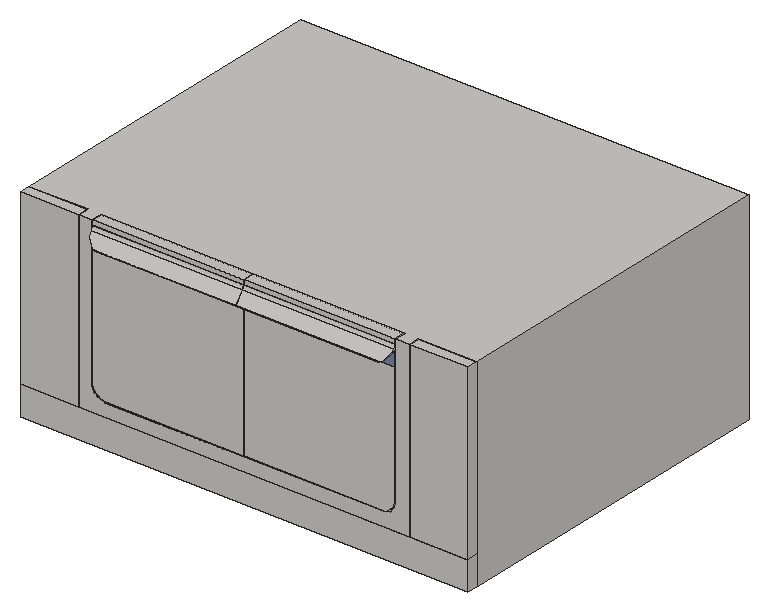
Revit family "QF_ELECTROLUXPROFESSIONAL_588654_MB4HCAJOAO", category Attrezzature speciali, Revit 2020
Family settings
  Quota connettore circolare = Usa diametro
  Tipo di parte = Normale
  Basato su piano di lavoro = No
  Sempre verticale = Sì
  Taglio con vuoti quando caricato = No
  Condiviso = No
  Punto di calcolo locali = No
Parameters (values of type "Standard")
  Weight = 31.00 kg
  Watts = 2000 W
  Volts = 400 V
  URL Manufacturer = "https://www.electroluxprofessional.com/"
  URL = "https://www.electroluxprofessional.com/"
  Steam Supply Size = 0"
  Steam Supply Minimum Pressure = 0.00 psi
  Steam Supply Maximum Pressure = 0.00 psi
  Steam Consumption per Hour = 0
  Refrigeration Suction Line Size = 0 mm
  Refrigeration Liquid Line Size = 0 mm
  Refrigerant Compressor Remote = yes
  Prospetto di default = 0 mm
  Phase = 3
  Modello = "MB4HCAJOAO"
  Produttore = "Electrolux Professional"
  Length Actual = 1000 mm  # constant formula
  Item Number = "588654"
  Hot Water Size = 0"
  Height Actual = 450 mm  # constant formula
  HP = "2.7 HP"
  Gas Size = 0"
  Gas KW = 0
  Gas Input Pressure = 0.0 Btu/h
  Direct Waste Size = 0"
  Descrizione = "EL.WARM.CAB,GN,2DOOR,1S,H2,1000X850X450H"
  Depth Actual = 850 mm  # constant formula
  Cycle = 50 Hz
  Condensate Return Size = 0"
  Compressed Air Volume = 0 GPM
  Compressed Air Size = 0"
  Compressed Air Pressure = 0.00 psi
  Cold Water Size = 0"
  Accessory = yes
Reference planes
  plane 1 "BACK": y = 0
  plane 2: z = 0
  plane 3 "LEFT": x = 0
  plane 4 "RIGHT": x = 1000
  plane 5 "FRONT": y = -850
  plane 6 "PLAIN": z = 900
  plane 7 "Center (Left/Right)": x = 500
  plane 8 "Center (Front/Back)": y = -425
  plane 9 "TOP": z = 650
  plane 10 "BASE": z = 200
  plane 11: x = 922
  plane 12: x = 78
  plane 13 "Feet_back": y = -150
  plane 14 "Feet_Front": y = -720
  plane 15: x = 130
  plane 16: x = 870
  plane 17: z = 265
  plane 18: y = -45
  plane 19: y = -805
  plane 20: y = -70
  plane 21: y = -830
Forms (mm)
  Extrusion 1, solid, material "QF_Finishes_Stainless Steel"
    sketch origin (0, 0, 650) x (0, 1, 0) y (0, 0, 1)
      loop
        line (-45, -450) -> (-45, 0) -> (-805, 0) -> (-805, -450) -> (-45, -450)
    from 0 to 1000
  Extrusion 2, solid, material "QF_Finishes_Stainless Steel"
    sketch origin (0, 0, 650) x (0, 1, 0) y (0, 0, 1)
      loop
        line (-830, -450) -> (-805, -450) -> (-805, -385) -> (-830, -385) -> (-830, -450)
    from 0 to 1000
  Extrusion 3, void
    sketch origin (0, -850, 0) x (1, 0, 0) y (0, 0, 1)
      loop
        line (130, 650) -> (130, 265) -> (870, 265) -> (870, 650) -> (130, 650)
    from 0 to -780
  Extrusion 4, solid, material "QF_Finishes_Stainless Steel"
    sketch origin (0, -850, 0) x (1, 0, 0) y (0, 0, 1)
      loop
        line (160, 650) -> (160, 627) -> (840, 627) -> (840, 650) -> (160, 650)
    from -45 to -805
  Extrusion 5, solid, material "QF_Finishes_Stainless Steel"
    sketch origin (0, -850, 0) x (1, 0, 0) y (0, 0, 1)
      loop
        line (130, 650) -> (130, 265) -> (870, 265) -> (870, 650) -> (840, 650) -> (840, 325)
        arc (840, 325) -> (831.213, 303.787) -> (810, 295) r 30
        line (810, 295) -> (190, 295)
        arc (190, 295) -> (168.787, 303.787) -> (160, 325) r 30
        line (160, 325) -> (160, 650) -> (130, 650)
    from -20 to -780
  Extrusion 6, solid, material "QF_Finishes_Stainless Steel"
    sketch origin (0, -850, 0) x (1, 0, 0) y (0, 0, 1)
      loop
        line (0, 650) -> (0, 265) -> (130, 265) -> (130, 650) -> (0, 650)
    from -20 to -45
  Extrusion 7, solid, material "QF_Finishes_Stainless Steel"
    sketch origin (0, -850, 0) x (1, 0, 0) y (0, 0, 1)
      loop
        line (870, 650) -> (870, 265) -> (1000, 265) -> (1000, 650) -> (870, 650)
    from -20 to -45
Cuts and joins
  Extrusion 3 cuts Extrusion 1
  joined: Extrusion 1, Extrusion 4, Extrusion 5
Lines and regions (mm)
  symbolic lines, style "SpecialityEquipmentHiddenLines"
    curve 1: line (0, 0, 0) -> (1000, 0, 0)
    curve 2: line (0, -850, 0) -> (0, 0, 0)
    curve 3: line (1000, -850, 0) -> (0, -850, 0)
    curve 4: line (1000, 0, 0) -> (1000, -850, 0)
Dimensions and locks
  plane 3 "LEFT" to plane 4 "RIGHT" = 1000 mm
  plane 5 "FRONT" to plane 1 "BACK" = 850 mm
  equal spacing: plane 3 "LEFT", plane 7 "Center (Left/Right)", plane 4 "RIGHT"
  equal spacing: plane 5 "FRONT", plane 8 "Center (Front/Back)", plane 1 "BACK"
  plane 6 "PLAIN" to plane 9 "TOP" = 250 mm
  plane 10 "BASE" to level = 200 mm
  plane 9 "TOP" to plane 10 "BASE" = 450 mm
  locked: plane 1 "BACK" to plane 13 "Feet_back" at 150
  locked: plane 14 "Feet_Front" to plane 5 "FRONT" at 130
  locked: plane 12 to plane 3 "LEFT" at 78
  locked: plane 11 to plane 4 "RIGHT" at 78
  plane 16 to plane 15 = 740 mm
  equal spacing: plane 16, plane 7 "Center (Left/Right)", plane 15
  locked: plane 17 to plane 10 "BASE" at 65
  locked: plane 1 "BACK" to plane 18 at 45
  plane 9 "TOP" to Extrusion 4 sketch curve = 23 mm
  locked: Extrusion 4 sketch curve to plane 15 at 30
  locked: plane 16 to Extrusion 4 sketch curve at 30
  locked: Extrusion 5 sketch curve to plane 17 at 30
  plane 6 "PLAIN" to level = 900 mm
  Extrusion 5 to Extrusion 5 = 680 mm
  locked: plane 18 to plane 20 at 25
  locked: plane 21 to plane 5 "FRONT" at 20
  locked: plane 19 to plane 21 at 25
  plane 18 to plane 21 = 785 mm
  aligned and locked: level to plane 2
  aligned and locked: Extrusion 1 to plane 4 "RIGHT"
  aligned and locked: Extrusion 1 to plane 3 "LEFT"
  aligned and locked: Extrusion 2 to plane 4 "RIGHT"
  aligned and locked: plane 9 "TOP" to Extrusion 3 sketch curve
  aligned and locked: Extrusion 3 sketch curve to plane 15
  aligned and locked: plane 16 to Extrusion 3 sketch curve
  aligned and locked: Extrusion 2 to plane 10 "BASE"
  aligned and locked: Extrusion 2 to plane 17
  aligned and locked: plane 17 to Extrusion 3 sketch curve
  aligned and locked: Extrusion 4 to plane 18
  aligned and locked: Extrusion 5 sketch curve to plane 15
  aligned and locked: plane 16 to Extrusion 5 sketch curve
  aligned and locked: plane 9 "TOP" to Extrusion 5 sketch curve  (x2)
  aligned and locked: plane 17 to Extrusion 5 sketch curve
  aligned and locked: Extrusion 5 sketch curve to Extrusion 4  (x2)
  aligned and locked: Extrusion 6 sketch curve to plane 9 "TOP"
  aligned and locked: plane 3 "LEFT" to Extrusion 6 sketch curve
  aligned and locked: Extrusion 6 sketch curve to plane 17
  aligned and locked: Extrusion 6 sketch curve to plane 15
  aligned and locked: Extrusion 7 sketch curve to plane 9 "TOP"
  aligned and locked: plane 16 to Extrusion 7 sketch curve
  aligned and locked: Extrusion 7 sketch curve to plane 17
  aligned and locked: plane 4 "RIGHT" to Extrusion 7 sketch curve
  aligned and locked: cut or joined group of Extrusion 1, Extrusion 3, Extrusion 4, Extrusion 5 to Extrusion 4
  aligned and locked: plane 7 "Center (Left/Right)" to nested 1
  aligned and locked: Extrusion 5 to plane 20
  aligned and locked: cut or joined group of Extrusion 1, Extrusion 3, Extrusion 4, Extrusion 5 to plane 20
  aligned and locked: cut or joined group of Extrusion 1, Extrusion 3, Extrusion 4, Extrusion 5 to plane 18
  aligned and locked: plane 19 to Extrusion 4
  aligned and locked: Extrusion 6 to plane 19
  aligned and locked: plane 21 to Extrusion 6
  aligned and locked: plane 21 to Extrusion 5
  aligned and locked: plane 21 to Extrusion 7
  aligned and locked: Extrusion 7 to plane 19
  aligned and locked: Extrusion 2 to plane 19
  aligned and locked: plane 21 to Extrusion 2
Automatic sketch dimensions
  Extrusion 1 sketch curve to plane 10 "BASE" = 0 mm
  Extrusion 1 sketch curve to plane 9 "TOP" = 0 mm
  plane 1 "BACK" to Extrusion 1 sketch curve = 45 mm
  Extrusion 1 sketch curve to plane 5 "FRONT" = 45 mm
  Extrusion 2 sketch curve to plane 5 "FRONT" = 20 mm
  Extrusion 2 sketch curve to plane 9 "TOP" = 385 mm
  plane 10 "BASE" to Extrusion 2 sketch curve = 0 mm
  Extrusion 2 sketch curve to plane 5 "FRONT" = 45 mm
  Extrusion 4 sketch curve to plane 9 "TOP" = 0 mm
  Extrusion 5 sketch curve to Extrusion 5 sketch curve = 30 mm  (x2)
  curve 3 to plane 3 "LEFT" = 0 mm
  curve 3 to plane 4 "RIGHT" = 0 mm
  plane 5 "FRONT" to curve 3 = 0 mm
  plane 1 "BACK" to curve 2 = 0 mm
Nested families
  nested 1: "H450H2_2DOOR" at (463.958, -805, 200) x (1, 0, 0) z (0, -1, 0), type "H450H2_2DOOR"
    with Width 680 mm, Wdoor 340 mm, Show Clearance yes
Definition of nested family "H450H2_2DOOR"
  Parameters
    Width [instance] = 580 mm
    Wdoor [instance] = Width / 2  # 290 mm
    Show Clearance [instance] = yes
    Model = "727995"
    Height = 450 mm
    Default Elevation = 0 mm
  Reference planes
    plane 1 "Center (Front/Back)": y = 0
    plane 2: z = 0
    plane 3 "Center (Left/Right)": x = 36.042
    plane 4 "panel": z = 25
    plane 5: x = -253.958
    plane 6: x = 326.042
    plane 7: y = 450
    plane 8: z = 290
    plane 9: z = 45
  Forms (mm)
    Extrusion 1, solid
      sketch origin (0, -919.2, 0) x (1, 0, 0) y (0, 1, 0)
        loop
          line (-980.5, 2119.2) -> (-980.5, -162.846) -> (881.94, -162.846) -> (881.94, 2119.2) -> (-980.5, 2119.2)
      from 0 to -59.546
    Extrusion 2, solid
      sketch origin (0, 0, 0) x (1, 0, 0) y (0, 1, 0)
        loop
          line (324.042, 393) -> (37.042, 393) -> (37.042, 97) -> (294.042, 97)
          arc (294.042, 97) -> (315.255, 105.787) -> (324.042, 127) r 30
          line (324.042, 127) -> (324.042, 393)
        loop
          arc (-251.958, 127) -> (-243.171, 105.787) -> (-221.958, 97) r 30
          line (-221.958, 97) -> (35.042, 97) -> (35.042, 393) -> (-251.958, 393) -> (-251.958, 127)
      from 0 to 25
    Extrusion 3, solid
      sketch origin (0, 0, 0) x (1, 0, 0) y (0, 1, 0)
        loop
          line (-251.958, 393) -> (35.042, 393) -> (35.042, 440) -> (-251.958, 440) -> (-251.958, 393)
        loop
          line (37.042, 440) -> (37.042, 393) -> (324.042, 393) -> (324.042, 440) -> (37.042, 440)
      from 0 to 25
    Extrusion 4, solid
      sketch origin (5.581, 79.805, 0) x (1, 0, 0) y (0, 1, 0)
        loop
          line (-257.539, 360.195) -> (29.461, 360.195) -> (29.461, 370.195) -> (-257.539, 370.195) -> (-257.539, 360.195)
        loop
          line (31.461, 370.195) -> (31.461, 360.195) -> (318.461, 360.195) -> (318.461, 370.195) -> (31.461, 370.195)
      from 0 to 25
    Extrusion 5, solid
      sketch origin (36.042, 0, 0) x (0, 1, 0) y (0, 0, 1)
        loop
          line (426.693, 25) -> (440.02, 25)
          arc (440.02, 25) -> (435.261, 25.775) -> (430.993, 28.02) r 15
          line (430.993, 28.02) -> (406.653, 46.362) -> (403.644, 42.369) -> (426.693, 25)
      from 1 to 288
    Extrusion 6, solid
      sketch origin (36.042, 0, 0) x (0, 1, 0) y (0, 0, 1)
        loop
          line (426.693, 25) -> (440.02, 25)
          arc (440.02, 25) -> (435.261, 25.775) -> (430.993, 28.02) r 15
          line (430.993, 28.02) -> (406.653, 46.362) -> (403.644, 42.369) -> (426.693, 25)
      from -288 to -1
    Extrusion 7, void
      sketch origin (0, 0, 0) x (1, 0, 0) y (0, 1, 0)
        loop
          arc (324.042, 426.693) -> (314.508, 412.772) -> (300.317, 403.644) r 42.603
          line (300.317, 403.644) -> (324.042, 403.644) -> (324.042, 426.693)
      from 0 to 47.9
    Extrusion 8, void
      sketch origin (72.084, 0, 0) x (-1, 0, 0) y (0, -1, 0)
        loop
          line (324.042, -426.693) -> (324.042, -403.644) -> (300.317, -403.644)
          arc (300.317, -403.644) -> (314.508, -412.772) -> (324.042, -426.693) r 42.603
      from 0 to 47.9
    Extrusion 9, solid, detail levels coarse
      sketch origin (0, 0, 0) x (1, 0, 0) y (0, 0, 1)
        loop
          arc (36.042, 25) -> (-41.575, 212.383) -> (-228.958, 290) r 265
          line (-228.958, 290) -> (-228.958, 25) -> (36.042, 25)
      from -450 to -97
    Extrusion 10, solid, detail levels coarse
      sketch origin (0, 0, 0) x (1, 0, 0) y (0, 0, 1)
        loop
          arc (301.042, 290) -> (113.659, 212.383) -> (36.042, 25) r 265
          line (36.042, 25) -> (301.042, 25) -> (301.042, 290)
      from -450 to -97
  Cuts and joins
    Extrusion 8 cuts Extrusion 6
    Extrusion 7 cuts Extrusion 5
  Lines and regions (mm)
    symbolic lines
      curve 1: line (326.042, 0, 45) -> (326.042, 0, 290)
      curve 2: line (301.042, 0, 45) -> (301.042, 0, 290)
      curve 3: line (326.042, 0, 290) -> (301.042, 0, 290)
      curve 4: line (-253.958, 0, 45) -> (-253.958, 0, 290)
      curve 5: line (-228.958, 0, 45) -> (-228.958, 0, 290)
      curve 6: line (-253.958, 0, 290) -> (-228.958, 0, 290)
      curve 7: arc (301.042, 0, 290) -> (120.901, 0, 219.356) -> (36.804, 0, 45.088) r 265
      curve 8: arc (35.286, 0, 44.997) -> (-48.783, 0, 219.325) -> (-228.958, 0, 290) r 265
  Dimensions and locks
    plane 4 "panel" to level = 25 mm
    "Width": plane 5 to plane 6
    equal spacing: plane 5, plane 3 "Center (Left/Right)", plane 6
    "Height": plane 1 "Center (Front/Back)" to plane 7
    locked: plane 5 to Extrusion 2 sketch curve at 2
    locked: Extrusion 2 sketch curve to plane 6 at 2
    locked: plane 1 "Center (Front/Back)" to Extrusion 2 sketch curve at 97
    locked: plane 7 to Extrusion 2 sketch curve at 57
    locked: Extrusion 2 sketch curve to plane 3 "Center (Left/Right)" at 1
    locked: plane 3 "Center (Left/Right)" to Extrusion 2 sketch curve at 1
    Extrusion 3 sketch curve to Extrusion 2 = 47 mm
    "Wdoor": plane 8 to level
    locked: curve 2 to curve 1 at 25
    locked: curve 5 to curve 4 at 25
    plane 4 "panel" to plane 9 = 20 mm
    aligned and locked: plane 2 to Extrusion 1
    aligned and locked: level to Extrusion 1
    aligned and locked: plane 4 "panel" to Extrusion 2
    aligned and locked: Extrusion 2 to Extrusion 3 sketch curve
    aligned and locked: Extrusion 3 sketch curve to Extrusion 2  (x2)
    aligned and locked: Extrusion 3 sketch curve to Extrusion 3 sketch curve
    aligned and locked: plane 4 "panel" to Extrusion 3
    aligned and locked: Extrusion 4 sketch curve to Extrusion 4 sketch curve
    aligned and locked: Extrusion 4 sketch curve to Extrusion 3  (x3)
    aligned and locked: Extrusion 3 to Extrusion 4 sketch curve
    aligned and locked: Extrusion 4 sketch curve to plane 7
    aligned and locked: Extrusion 3 to Extrusion 5
    aligned and locked: Extrusion 5 to Extrusion 3
    aligned and locked: Extrusion 6 to Extrusion 3
    aligned and locked: Extrusion 3 to Extrusion 6
    aligned and locked: Extrusion 7 sketch curve to Extrusion 5
    aligned and locked: Extrusion 8 to Extrusion 6
    aligned and locked: Extrusion 4 to Extrusion 8
    aligned and locked: Extrusion 2 to Extrusion 7
    aligned and locked: Extrusion 7 to Extrusion 5
    aligned and locked: Extrusion 4 to Extrusion 3  (x2)
    aligned and locked: Extrusion 3 to Extrusion 2
    aligned and locked: Extrusion 4 to Extrusion 2
    aligned and locked: curve 3 to plane 8
    aligned and locked: curve 1 to plane 6
    aligned and locked: curve 4 to plane 5
    aligned and locked: Extrusion 9 sketch curve to plane 4 "panel"
    aligned and locked: Extrusion 10 sketch curve to curve 7
    aligned and locked: Extrusion 10 sketch curve to curve 2
    aligned and locked: Extrusion 2 to Extrusion 9
    aligned and locked: Extrusion 2 to Extrusion 10
    aligned and locked: plane 7 to Extrusion 9
    aligned and locked: Extrusion 3 to Extrusion 4
  Automatic sketch dimensions
    Extrusion 1 sketch curve to Extrusion 1 sketch curve = 1862.44 mm
    Extrusion 1 sketch curve to Extrusion 1 sketch curve = 2282.046 mm
    Extrusion 2 sketch curve to Extrusion 2 sketch curve = 30 mm  (x2)
    Extrusion 2 sketch curve to plane 1 "Center (Front/Back)" = 97 mm
    Extrusion 2 sketch curve to Extrusion 2 sketch curve = 0 mm
    Extrusion 3 sketch curve to plane 3 "Center (Left/Right)" = 1 mm
    plane 5 to Extrusion 3 sketch curve = 2 mm
    Extrusion 3 sketch curve to Extrusion 3 sketch curve = 0 mm
    Extrusion 5 sketch curve to plane 4 "panel" = 0 mm
    plane 4 "panel" to Extrusion 5 sketch curve = 17.369 mm
    Extrusion 5 sketch curve to plane 7 = 46.356 mm
    plane 4 "panel" to Extrusion 5 sketch curve = 21.362 mm
    Extrusion 5 sketch curve to Extrusion 5 sketch curve = 3.009 mm
    plane 4 "panel" to Extrusion 5 sketch curve = 3.02 mm
    Extrusion 5 sketch curve to Extrusion 5 sketch curve = 9.027 mm
    Extrusion 6 sketch curve to plane 4 "panel" = 0 mm
    plane 4 "panel" to Extrusion 6 sketch curve = 17.369 mm
    Extrusion 6 sketch curve to plane 7 = 46.356 mm
    plane 4 "panel" to Extrusion 6 sketch curve = 21.362 mm
    Extrusion 6 sketch curve to Extrusion 6 sketch curve = 3.009 mm
    plane 4 "panel" to Extrusion 6 sketch curve = 3.02 mm
    Extrusion 6 sketch curve to Extrusion 6 sketch curve = 9.027 mm
    Extrusion 7 sketch curve to Extrusion 7 sketch curve = 23.725 mm
    Extrusion 7 sketch curve to plane 7 = 6.671 mm
    Extrusion 7 sketch curve to plane 6 = 41.221 mm
    Extrusion 7 sketch curve to plane 7 = 23.307 mm
    plane 7 to Extrusion 8 sketch curve = 6.671 mm
    Extrusion 8 sketch curve to plane 5 = 41.221 mm
    Extrusion 8 sketch curve to plane 5 = 25.725 mm
    Extrusion 8 sketch curve to plane 5 = 2 mm
    plane 7 to Extrusion 8 sketch curve = 23.307 mm
    Extrusion 4 sketch curve to Extrusion 4 sketch curve = 10 mm
    Extrusion 4 sketch curve to plane 7 = 10 mm
    curve 2 to plane 9 = 0 mm
    curve 5 to plane 9 = 0 mm
    curve 4 to plane 9 = 0 mm
    curve 1 to plane 9 = 0 mm
    curve 8 to plane 4 "panel" = 0 mm
    curve 5 to plane 8 = 0 mm
    curve 8 to plane 9 = 0.003 mm
    curve 7 to plane 4 "panel" = 0 mm
    plane 9 to curve 7 = 0.088 mm
